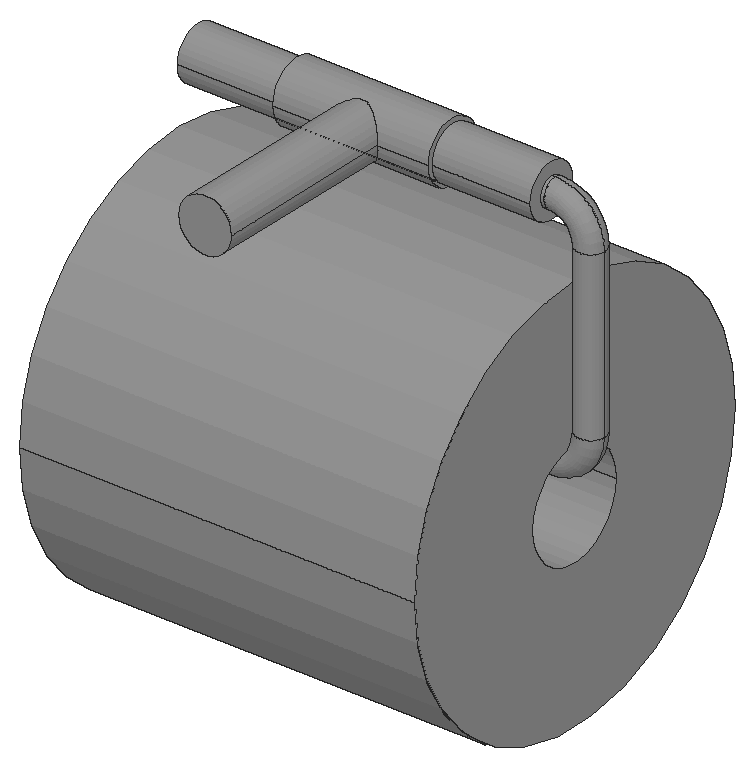
Revit family "009955", category Sanitärinstallationen, Revit 2014
Parameters (values of type "009955")
  URL = "http://www.duravit.de/"
  Revisionsdatum / Revision date = ""
  Produktseite / Product URL = "http://www.pro.duravit.com/009955"
  Modell = "009955"
  Material Glas = Glas
  Einbauhöhe Zubehör / Installation heigth Accessories [instance] = 500 mm
  Modellbeschreibung / Modeldescription = "Papierrollenhalter Karree chrom / Paper holder Karree chrome"
  Mischbatterie / faucet [instance] = yes
  Material Keramik = Duravit Keramik
  Material Chrom = Stahl, verchromt
  Lüftungsverbindung = no
  LEED Credit = 0
  KW-Verbindung = no
  Höhe Fußbodenaufbau / Heigt of Floor (Standard) [instance] = 100 mm
  Hersteller = "Duravit"
  HW-Verbindung = no
  Familie von / Family made by = "http://bytesandbuilding.de"
  E-Mail Kontakt = ""
  Behindertengerecht / ADA Compliant = no
  Baugruppenkennzeichen = "D2010110"
  Abwasserrohrverbindung = no
Reference planes
  plane 1: y = 0
  plane 2 "Mitte (Links/Rechts)": x = 125
  plane 3 "Hinten": y = 75
  plane 4: z = 0
  plane 5 "OK FFB / Height of floorcovering": z = 100
  plane 6 "Achse Accesoire/ Axis Accessory": z = 600
Text (mm)
  text "Platzierungsseite" at (-1787.139, 592.35, 0), in view "Referenzebene"
  text "Platzierungsseite" at (0, 1827.695, 2917.686), in view "Links"
  text "Platzierungsseite" at (0, 562.268, 3853.606), in view "Rechts"
Dimensions and locks
  locked: plane 3 "Hinten" to host wall at 0
  "Einbauhöhe Zubehör / Installation heigth Accessories": plane 6 "Achse Accesoire/ Axis Accessory" to plane 5 "OK FFB / Height of floorcovering"
  "Höhe Fußbodenaufbau / Heigt of Floor (Standard)": plane 5 "OK FFB / Height of floorcovering" to level
  aligned and locked: host wall to plane 1
  aligned and locked: level to plane 4
  aligned and locked: nested 1 to plane 3 "Hinten"
  aligned and locked: nested 1 to plane 2 "Mitte (Links/Rechts)"
Nested families
  nested 1: "009955_" at (125, 75, 600) x (-1, 0, 0) z (0, 0, 1), Material Keramik <- "Material Keramik", Material Glas <- "Material Glas", Material Chrom <- "Material Chrom", type "009955_"
Definition of nested family "009955_"
  Parameters (values of type "009955_")
    Mischbatterie [instance] = yes
    Material Keramik [instance] = Duravit Keramik
    Material Glas [instance] = Glas
    Material Chrom [instance] = Stahl, verchromt
  Reference planes
    plane 1 "Mitte (Vorne/Hinten)": y = 0
    plane 2: z = 0
    plane 3 "Mitte (Links/Rechts)": x = 0
    plane 4 "Rot L": x = -219.905
    plane 5 "Rot R": x = 219.905
  Forms (mm)
    Extrusion 1, solid, material "Stahl, verchromt" <- "Material Chrom"
      sketch origin (-219.905, 0, 0) x (0, -1, 0) y (0, 0, 1)
        loop
          circle (59.989, -0.42) r 8.498
      from -241.905 to -197.905
    Extrusion 2, solid, material "Stahl, verchromt" <- "Material Chrom"
      sketch origin (0, 0, 0) x (0, 1, 0) y (0, 0, 1)
        loop
          circle (-59.999, -0.504) r 7.418
      from -50 to 50
    Sweep 3, solid, material "Stahl, verchromt" <- "Material Chrom"
      path origin (0, 0, 0) x (1, 0, 0) y (0, 0, 1)
        loop
          line (60.909, -47.607) -> (60.909, -57.786)
          arc (60.909, -57.786) -> (57.98, -64.857) -> (50.909, -67.786) r 10
          line (50.909, -67.786) -> (-51.198, -67.786)
          arc (-51.198, -67.786) -> (-58.269, -64.857) -> (-61.198, -57.786) r 10
          line (-61.198, -57.786) -> (-61.198, -10.627)
          arc (-61.198, -10.627) -> (-58.269, -3.556) -> (-51.198, -0.627) r 10
          line (-51.198, -0.627) -> (-26, -0.627)
      profile origin (60.909, 0, -52.696) x (0, -1, 0) y (1, 0, 0)
        loop
          circle (60, 0) r 4
    Extrusion 4, solid, material "Stahl, verchromt" <- "Material Chrom"
      sketch origin (0, 0, 0) x (1, 0, 0) y (0, 0, 1)
        loop
          circle (0.033, -0.532) r 7.5
      from 0 to 60.111
    Extrusion 5, solid, material "Leinen - weiß"
      sketch origin (0, 0, 0) x (0, 1, 0) y (0, 0, 1)
        loop
          circle (-59.73, -77.67) r 15
        loop
          circle (-59.73, -77.67) r 56.732
      from -56.837 to 54.99
  Cuts and joins
    joined: Extrusion 1, Extrusion 4
  Dimensions and locks
    aligned and locked: level to plane 2
